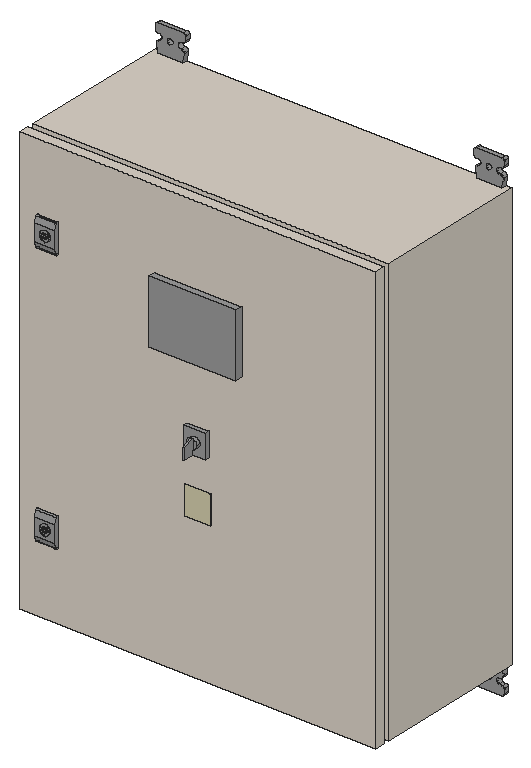
Revit family "UV Low Pressure - Control Panel", category Mechanical Equipment, Revit 2019
Family settings
  Round Connector Dimension = Use Radius
  Part Type = Normal
  OmniClass Number = 23.65.50.11
  OmniClass Title = Water Treatment
  Work Plane-Based = No
  Always vertical = Yes
  Cut with Voids When Loaded = No
  Shared = No
  Room Calculation Point = No
Parameters (values of type "JUVLP100 - Control Panel")
  URL = "https://www.jandy.com/en/commercial/water-sanitizers/commercial-low-pressure-uv-system"
  Model = Fluidra_Model  # "JUVLP100 - Contol Panel"
  Manufacturer = Fluidra_Manufacturer  # "Fluidra"
  Fluidra_Voltage (Low) = 120 V  # constant formula
  Fluidra_Voltage (High) = 240 V  # constant formula
  Fluidra_UV-C_Power = 90 W
  Fluidra_Rated_Power = 270 W
  Fluidra_Phase = 1
  Fluidra_Model = "JUVLP100 - Contol Panel"
  Fluidra_Manufacturer = "Fluidra"
  Fluidra_Frequency = 60 Hz  # constant formula
  Fluidra_Description = "Jandy Commercial Low-Pressure UV System"
  Fluidra_Current(240V) = 0.97 A
  Fluidra_Current(120V) = 1.86 A
  Fluidra_Cos ϕ = 1  # 100.00%
  Fluidra_#_Electronic_Ballasts = "3"
  Description = Fluidra_Description  # "Jandy Commercial Low-Pressure UV System"
  Assembly Code = "D2090400"
Types (5): name | Model | Fluidra_UV-C_Power | Fluidra_Rated_Power | Fluidra_Model | Fluidra_Current(240V) | Fluidra_Current(120V) | Fluidra_#_Electronic_Ballasts
  (no name) | "JUVLP100 - Contol Panel" | 90 W | 270 W | "JUVLP100 - Contol Panel" | 0.97 A | 1.86 A | "3"
  JUVLP100 - Control Panel | "JUVLP100 - Contol Panel" | 90 W | 270 W | "JUVLP100 - Contol Panel" | 0.97 A | 1.86 A | "3"
  JUVLP150 - Control Panel | "JUVLP150 - Contol Panel" | 120 W | 360 W | "JUVLP150 - Contol Panel" | 1.26 A | 2.44 A | "4"
  JUVLP200 - Control Panel | "JUVLP200 - Contol Panel" | 150 W | 450 W | "JUVLP200 - Contol Panel" | 1.55 A | 3.04 A | "5"
  JUVLP250 - Control Panel | "JUVLP250 - Contol Panel" | 180 W | 540 W | "JUVLP250 - Contol Panel" | 1.84 A | 3.65 A | "6"
Reference planes (in)
  plane 1 "Center (Front/Back)": y = 0
  plane 2: z = 0
  plane 3 "Center (Left/Right)": x = 0
  plane 4 "Left": x = -9.84375
  plane 5 "Right": x = 9.84375
  plane 6 "Front": y = -9.375
  plane 7 "Top": z = 23.625
  plane 8: z = 11.8125
  plane 9: y = -9.375
Forms (in)
  Extrusion 1, solid, material "Fluidra Beige"
    sketch origin (0, 0, 0) x (1, 0, 0) y (0, 0, 1)
      loop
        line (-9.84375, 23.625) -> (-9.84375, 0) -> (9.84375, 0) -> (9.84375, 23.625) -> (-9.84375, 23.625)
    from 0 to 8.48375
  Extrusion 2, solid, material "Fluidra Beige"
    sketch origin (0, 0, 0) x (1, 0, 0) y (0, 0, 1)
      loop
        line (-9.84375, 23.625) -> (-9.84375, 0) -> (9.84375, 0) -> (9.84375, 23.625) -> (-9.84375, 23.625)
    from 8.83056 to 9.375
  Extrusion 3, solid, material "Fluidra Beige"
    sketch origin (0, 0, 5) x (1, 0, 0) y (0, 0, 1)
      loop
        line (-9.34375, 17.875) -> (-9.34375, -4.23324) -> (9.34375, -4.23324) -> (9.34375, 17.875) -> (-9.34375, 17.875)
    from 8.48375 to 8.83056
  Extrusion 4, solid, material "Fluidra Gray", detail levels medium+fine
    sketch origin (0, 0, 0) x (1, 0, 0) y (0, 0, 1)
      loop
        line (-9.49823, 23.625) -> (-8.12673, 23.625) -> (-8.03962, 24.11907)
        arc (-8.03962, 24.11907) -> (-8.08866, 24.23746) -> (-8.20705, 24.2865) r 0.16743
        arc (-8.20705, 24.2865) -> (-8.37892, 24.42981) -> (-8.24794, 24.61126) r 0.16406
        line (-8.24794, 24.61126) -> (-8.11058, 24.6384)
        arc (-8.11058, 24.6384) -> (-8.01207, 24.6792) -> (-7.97126, 24.77772) r 0.13933
        line (-7.97126, 24.77772) -> (-7.97126, 24.99647)
        arc (-7.97126, 24.99647) -> (-8.01207, 25.09499) -> (-8.11058, 25.1358) r 0.13933
        line (-8.11058, 25.1358) -> (-9.51438, 25.1358)
        arc (-9.51438, 25.1358) -> (-9.6129, 25.09499) -> (-9.65371, 24.99647) r 0.13933
        line (-9.65371, 24.99647) -> (-9.65371, 24.77772)
        arc (-9.65371, 24.77772) -> (-9.6129, 24.6792) -> (-9.51438, 24.6384) r 0.13933
        line (-9.51438, 24.6384) -> (-9.37703, 24.61126)
        arc (-9.37703, 24.61126) -> (-9.24604, 24.42981) -> (-9.41792, 24.2865) r 0.16406
        arc (-9.41792, 24.2865) -> (-9.53631, 24.23746) -> (-9.58535, 24.11907) r 0.16743
        line (-9.58535, 24.11907) -> (-9.49823, 23.625)
      loop
        circle (-8.81248, 24.44597) r 0.16354
    from 0 to 0.25
  Extrusion 5, solid, material "Fluidra Gray", detail levels medium+fine
    sketch origin (0, 0, 0) x (-1, 0, 0) y (0, 0, -1)
      loop
        line (-9.49823, -23.625) -> (-9.58535, -24.11907)
        arc (-9.58535, -24.11907) -> (-9.53631, -24.23746) -> (-9.41792, -24.2865) r 0.16743
        arc (-9.41792, -24.2865) -> (-9.24604, -24.42981) -> (-9.37703, -24.61126) r 0.16406
        line (-9.37703, -24.61126) -> (-9.51438, -24.6384)
        arc (-9.51438, -24.6384) -> (-9.6129, -24.6792) -> (-9.65371, -24.77772) r 0.13933
        line (-9.65371, -24.77772) -> (-9.65371, -24.99647)
        arc (-9.65371, -24.99647) -> (-9.6129, -25.09499) -> (-9.51438, -25.1358) r 0.13933
        line (-9.51438, -25.1358) -> (-8.11058, -25.1358)
        arc (-8.11058, -25.1358) -> (-8.01207, -25.09499) -> (-7.97126, -24.99647) r 0.13933
        line (-7.97126, -24.99647) -> (-7.97126, -24.77772)
        arc (-7.97126, -24.77772) -> (-8.01207, -24.6792) -> (-8.11058, -24.6384) r 0.13933
        line (-8.11058, -24.6384) -> (-8.24794, -24.61126)
        arc (-8.24794, -24.61126) -> (-8.37892, -24.42981) -> (-8.20705, -24.2865) r 0.16406
        arc (-8.20705, -24.2865) -> (-8.08866, -24.23746) -> (-8.03962, -24.11907) r 0.16743
        line (-8.03962, -24.11907) -> (-8.12673, -23.625) -> (-9.49823, -23.625)
      loop
        circle (-8.81248, -24.44597) r 0.16354
    from 0 to 0.25
  Extrusion 6, solid, material "Fluidra Gray", detail levels medium+fine
    sketch origin (0, 0, 23.625) x (1, 0, 0) y (0, 0, 1)
      loop
        line (-9.49823, -23.625) -> (-9.58535, -24.11907)
        arc (-9.58535, -24.11907) -> (-9.53631, -24.23746) -> (-9.41792, -24.2865) r 0.16743
        arc (-9.41792, -24.2865) -> (-9.24604, -24.42981) -> (-9.37703, -24.61126) r 0.16406
        line (-9.37703, -24.61126) -> (-9.51438, -24.6384)
        arc (-9.51438, -24.6384) -> (-9.6129, -24.6792) -> (-9.65371, -24.77772) r 0.13933
        line (-9.65371, -24.77772) -> (-9.65371, -24.99647)
        arc (-9.65371, -24.99647) -> (-9.6129, -25.09499) -> (-9.51438, -25.1358) r 0.13933
        line (-9.51438, -25.1358) -> (-8.11058, -25.1358)
        arc (-8.11058, -25.1358) -> (-8.01207, -25.09499) -> (-7.97126, -24.99647) r 0.13933
        line (-7.97126, -24.99647) -> (-7.97126, -24.77772)
        arc (-7.97126, -24.77772) -> (-8.01207, -24.6792) -> (-8.11058, -24.6384) r 0.13933
        line (-8.11058, -24.6384) -> (-8.24794, -24.61126)
        arc (-8.24794, -24.61126) -> (-8.37892, -24.42981) -> (-8.20705, -24.2865) r 0.16406
        arc (-8.20705, -24.2865) -> (-8.08866, -24.23746) -> (-8.03962, -24.11907) r 0.16743
        line (-8.03962, -24.11907) -> (-8.12673, -23.625) -> (-9.49823, -23.625)
      loop
        circle (-8.81248, -24.44597) r 0.16354
    from 0 to 0.25
  Extrusion 7, solid, material "Fluidra Gray", detail levels medium+fine
    sketch origin (0, 0, 23.625) x (-1, 0, 0) y (0, 0, -1)
      loop
        line (-9.49823, 23.625) -> (-8.12673, 23.625) -> (-8.03962, 24.11907)
        arc (-8.03962, 24.11907) -> (-8.08866, 24.23746) -> (-8.20705, 24.2865) r 0.16743
        arc (-8.20705, 24.2865) -> (-8.37892, 24.42981) -> (-8.24794, 24.61126) r 0.16406
        line (-8.24794, 24.61126) -> (-8.11058, 24.6384)
        arc (-8.11058, 24.6384) -> (-8.01207, 24.6792) -> (-7.97126, 24.77772) r 0.13933
        line (-7.97126, 24.77772) -> (-7.97126, 24.99647)
        arc (-7.97126, 24.99647) -> (-8.01207, 25.09499) -> (-8.11058, 25.1358) r 0.13933
        line (-8.11058, 25.1358) -> (-9.51438, 25.1358)
        arc (-9.51438, 25.1358) -> (-9.6129, 25.09499) -> (-9.65371, 24.99647) r 0.13933
        line (-9.65371, 24.99647) -> (-9.65371, 24.77772)
        arc (-9.65371, 24.77772) -> (-9.6129, 24.6792) -> (-9.51438, 24.6384) r 0.13933
        line (-9.51438, 24.6384) -> (-9.37703, 24.61126)
        arc (-9.37703, 24.61126) -> (-9.24604, 24.42981) -> (-9.41792, 24.2865) r 0.16406
        arc (-9.41792, 24.2865) -> (-9.53631, 24.23746) -> (-9.58535, 24.11907) r 0.16743
        line (-9.58535, 24.11907) -> (-9.49823, 23.625)
      loop
        circle (-8.81248, 24.44597) r 0.16354
    from 0 to 0.25
  Extrusion 8, solid, material "Fluidra Gray", detail levels fine
    sketch origin (60, -9.375, 48) x (1, 0, 0) y (0, 0, 1)
      loop
        line (-60.58421, -35.53125) -> (-60.58421, -36.84375) -> (-59.38694, -36.84375) -> (-59.38694, -35.53125) -> (-60.58421, -35.53125)
    from 0 to 0.25
  Extrusion 9, solid, material "Fluidra Base", detail levels fine
    sketch origin (60, -9.625, 48) x (1, 0, 0) y (0, 0, 1)
      loop
        circle (-60, -36.1875) r 0.28475
    from 0 to 0.1875
  Extrusion 10, solid, material "Fluidra Base", detail levels fine
    sketch origin (0, 0, 0) x (0, 1, 0) y (0, 0, 1)
      loop
        line (-9.8125, 12.09725) -> (-10.33056, 11.84458) -> (-10.33056, 11.25455) -> (-9.86772, 11.25455) -> (-9.86772, 11.52775) -> (-9.8125, 11.52775) -> (-9.8125, 12.09725)
    from -0.0625 to 0.0625
  Extrusion 11, solid, material "Fluidra Base", detail levels fine
    sketch origin (60, -9.375, 48) x (1, 0, 0) y (0, 0, 1)
      loop
        line (-62.40625, -28.73549) -> (-62.40625, -32.23549) -> (-57.59375, -32.23549) -> (-57.59375, -28.73549) -> (-62.40625, -28.73549)
    from 0 to 0.375
  Extrusion 12, solid, material "Fluidra Base", detail levels fine
    sketch origin (0, 0, 0) x (0, 1, 0) y (0, 0, 1)
      loop
        line (-9.375, 19.88976) -> (-9.4416, 19.88976)
        arc (-9.4416, 19.88976) -> (-9.47665, 19.87827) -> (-9.49809, 19.84825) r 0.05918
        line (-9.49809, 19.84825) -> (-9.58672, 19.56491) -> (-9.58672, 18.60987) -> (-9.49118, 18.31582)
        arc (-9.49118, 18.31582) -> (-9.4699, 18.28652) -> (-9.43546, 18.27533) r 0.05859
        line (-9.43546, 18.27533) -> (-9.375, 18.27533) -> (-9.375, 19.88976)
    from -8.84909 to -7.72409
  Extrusion 13, solid, material "Fluidra Base", detail levels fine
    sketch origin (0, 0, 0) x (0, 1, 0) y (0, 0, 1)
      loop
        line (-9.375, 3.73524) -> (-9.375, 5.34967) -> (-9.43546, 5.34967)
        arc (-9.43546, 5.34967) -> (-9.4699, 5.33848) -> (-9.49118, 5.30918) r 0.05859
        line (-9.49118, 5.30918) -> (-9.58672, 5.01513) -> (-9.58672, 4.06009) -> (-9.49809, 3.77675)
        arc (-9.49809, 3.77675) -> (-9.47665, 3.74673) -> (-9.4416, 3.73524) r 0.05918
        line (-9.4416, 3.73524) -> (-9.375, 3.73524)
    from -8.84909 to -7.72409
  Extrusion 14, void
    sketch origin (60, -9.375, 48) x (-1, 0, 0) y (0, 0, 1)
      loop
        circle (68.28659, -28.91261) r 0.30236
    from -0.21172 to 0
  Extrusion 15, solid, material "Fluidra Base", detail levels fine
    sketch origin (60, -9.375, 48) x (1, 0, 0) y (0, 0, 1)
      loop
        circle (-68.28659, -28.91261) r 0.07408
    from 0 to 0.21172
  Extrusion 16, solid, material "Fluidra Base", detail levels fine
    sketch origin (60, -9.375, 48) x (1, 0, 0) y (0, 0, 1)
      loop
        line (-68.54176, -28.84165) -> (-68.4496, -28.84165)
        arc (-68.4496, -28.84165) -> (-68.28659, -28.73197) -> (-68.12358, -28.84165) r 0.17598
        line (-68.12358, -28.84165) -> (-68.03143, -28.84165)
        arc (-68.03143, -28.84165) -> (-68.28659, -28.63731) -> (-68.54176, -28.84165) r 0.26149
    from 0 to 0.21172
  Extrusion 17, solid, material "Fluidra Base", detail levels fine
    sketch origin (60, -9.375, 48) x (1, 0, 0) y (0, 0, 1)
      loop
        arc (-68.54176, -28.98357) -> (-68.28659, -29.18791) -> (-68.03143, -28.98357) r 0.26149
        line (-68.03143, -28.98357) -> (-68.12358, -28.98357)
        arc (-68.12358, -28.98357) -> (-68.28659, -29.09325) -> (-68.4496, -28.98357) r 0.17598
        line (-68.4496, -28.98357) -> (-68.54176, -28.98357)
    from 0 to 0.21172
  Extrusion 18, void
    sketch origin (60, -9.375, 48) x (-1, 0, 0) y (0, 0, 1)
      loop
        circle (68.28659, -43.46164) r 0.30078
    from 0 to -0.21172
  Extrusion 19, solid, material "Fluidra Base", detail levels fine
    sketch origin (60, -9.375, -24.375) x (1, 0, 0) y (0, 0, 1)
      loop
        circle (-68.28659, 28.91261) r 0.07408
    from 0 to 0.21172
  Extrusion 20, solid, material "Fluidra Base", detail levels fine
    sketch origin (60, -9.375, -24.375) x (1, 0, 0) y (0, 0, 1)
      loop
        arc (-68.54176, 28.84165) -> (-68.28659, 28.63731) -> (-68.03143, 28.84165) r 0.26149
        line (-68.03143, 28.84165) -> (-68.12358, 28.84165)
        arc (-68.12358, 28.84165) -> (-68.28659, 28.73197) -> (-68.4496, 28.84165) r 0.17598
        line (-68.4496, 28.84165) -> (-68.54176, 28.84165)
    from 0 to 0.21172
  Extrusion 21, solid, material "Fluidra Base", detail levels fine
    sketch origin (60, -9.375, -24.375) x (1, 0, 0) y (0, 0, 1)
      loop
        line (-68.54176, 28.98357) -> (-68.4496, 28.98357)
        arc (-68.4496, 28.98357) -> (-68.28659, 29.09325) -> (-68.12358, 28.98357) r 0.17598
        line (-68.12358, 28.98357) -> (-68.03143, 28.98357)
        arc (-68.03143, 28.98357) -> (-68.28659, 29.18791) -> (-68.54176, 28.98357) r 0.26149
    from 0 to 0.21172
  Extrusion 22, solid, material "Warning Decal", detail levels fine
    sketch origin (59.85938, -9.375, 48) x (1, 0, 0) y (0, 0, 1)
      loop
        line (-60.58421, -38.58302) -> (-60.58421, -40.17689) -> (-59.12889, -40.17689) -> (-59.12889, -38.58302) -> (-60.58421, -38.58302)
    from 0 to 0.03125
Cuts and joins
  Extrusion 14, Extrusion 18 cuts Extrusion 2
  Extrusion 14 cuts Extrusion 12
  Extrusion 18 cuts Extrusion 13
Lines and regions (in)
  Split face 1
    outline origin (60, -9.75, 48) x (1, 0, 0) y (0, 0, 1)
      loop
        line (-61.84682, -29.21916) -> (-61.84682, -31.28975) -> (-58.15318, -31.28975) -> (-58.15318, -29.21916) -> (-61.84682, -29.21916)
Dimensions and locks (in)
  plane 1 "Center (Front/Back)" to plane 9 = 9 3/8"
  aligned and locked: level to plane 2
Nested families (in)
  nested 1: "Cable Connector" at (-7.06128, -3.53125, 0), type "Cable Connector", detail levels fine
  nested 2: "Cable Connector" at (-5.5016, -3.53125, 0), type "Cable Connector", detail levels fine
  nested 3: "Cable Connector" at (-3.92622, -3.53125, 0), type "Cable Connector", detail levels fine
  nested 4: "Cable Connector" at (-2.54815, -3.53125, 0), type "Cable Connector", detail levels fine
  nested 5: "Cable Connector" at (-1.17008, -3.53125, 0), type "Cable Connector", detail levels fine
  nested 6: "Cable Connector" at (0.20799, -3.53125, 0), type "Cable Connector", detail levels fine
  nested 7: "Cable Connector" at (1.58606, -3.53125, 0), type "Cable Connector", detail levels fine
  nested 8: "Cable Connector" at (2.96413, -3.53125, 0), type "Cable Connector", detail levels fine
  nested 9: "Cable Connector" at (4.9145, -2.34375, 0), type "Cable Connector", detail levels fine
  nested 10: "Cable Connector" at (6.49785, -2.34375, 0), type "Cable Connector", detail levels fine
  nested 11: "Cable Connector" at (4.9145, -4.71875, 0), type "Cable Connector", detail levels fine
  nested 12: "Cable Connector" at (6.49785, -4.71875, 0), type "Cable Connector", detail levels fine
Connectors (in)
  electrical at (-1.17008, -3.53125, -0.81099), driven by "Fluidra_Phase", driven by "Fluidra_Voltage (High)", driven by "Fluidra_Rated_Power", driven by "Fluidra_Cos ϕ"
    settings: on nested 5, index 1, voltage 240 V, apparent load 0 VA, apparent load phase1 270 VA, apparent load phase2 0 VA, apparent load phase3 0 VA, power factor 1, load classification "Power", number of poles 1, system type 31, power factor state 1, is connector primary yes, connector utility no, sub classification motor no, connector description "Main Power"
Definition of nested family "Cable Connector"
  Parameters (values of type "Cable Connector")
    Material = none
  Reference planes (in)
    plane 1 "Center (Front/Back)": y = 0
    plane 2: z = 0
    plane 3 "Center (Left/Right)": x = 0
    plane 4: x = -0.43359
  Forms (in)
    Extrusion 1, solid, material <- "Material"
      sketch origin (0, 0, 0) x (1, 0, 0) y (0, 1, 0)
        loop
          line (0, -0.5) -> (0.43301, -0.25) -> (0.43301, 0.25) -> (0, 0.5) -> (-0.43301, 0.25) -> (-0.43301, -0.25) -> (0, -0.5)
        loop
          circle (0, 0) r 0.21094
      from 0 to -0.18057
    Extrusion 2, solid, material <- "Material"
      sketch origin (0, 0, -0.18057) x (0, 1, 0) y (1, 0, 0)
        loop
          circle (0, 0) r 0.32851
        loop
          circle (0, 0) r 0.21094
      from 0.20468 to 0
    Extrusion 3, solid, material <- "Material"
      sketch origin (0, 0, -0.38525) x (-1, 0, 0) y (0, 1, 0)
        loop
          line (-0.5, 0) -> (-0.25, -0.43301) -> (0.25, -0.43301) -> (0.5, 0) -> (0.25, 0.43301) -> (-0.25, 0.43301) -> (-0.5, 0)
        loop
          circle (0, 0) r 0.21094
      from 0 to 0.42574
    Revolve 4, solid, material <- "Material"
      sketch origin (0, 0, 0.20313) x (1, 0, 0) y (0, 0, 1)
        loop
          arc (-0.43359, -1.01411) -> (-0.38899, -1.1218) -> (-0.28131, -1.1664) r 0.15229
          line (-0.28131, -1.1664) -> (-0.21094, -1.1664) -> (-0.21094, -1.01411) -> (-0.43359, -1.01411)
        axis (0, -1.01411) -> (0, -1.1664)
      angle from 0 to 360
  Cuts and joins
    joined: Extrusion 1, Extrusion 2, Extrusion 3
  Dimensions and locks (in)
    aligned and locked: plane 2 to level
    aligned and locked: Extrusion 2 to Extrusion 1
